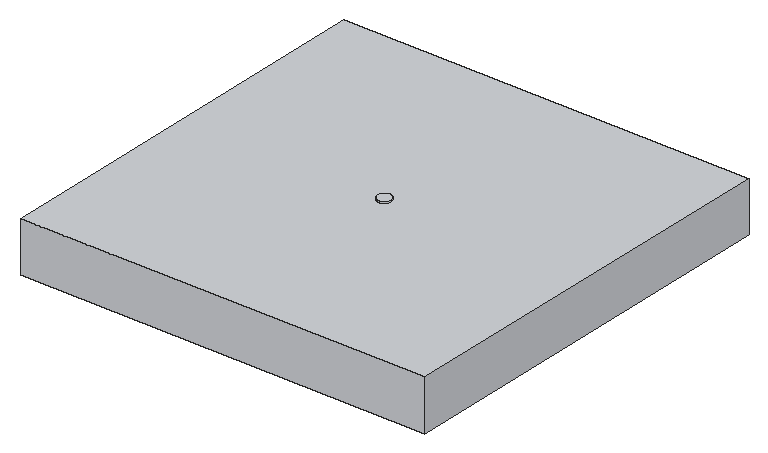
Revit family "M_Sprinkler - Seco - Parede lateral horizontal - Embutido por completo - Hospedado", category Sprinklers, Revit 2019
Family settings
  Hospedeiro = Face
  Manter orientação da anotação = Sim
  Cota do conector redondo = Usar raio
  Tipo de parte = Normal
  Número OmniClass = 23.65.70.17.11.24
  Título OmniClass = Fire Fighting Sprinkler Heads
  ID de item do Seek = Sprinkler - Dry - Horizontal Sidewall - Fully Recessed - Hosted-0000-CAN-ENU
  Corte com vazios quando carregada = Não
  Compartilhado = Não
  Ponto de cálculo do ambiente = Não
Parameters (values of type "Parede lateral seca horizontal de 15 mm")
  Classificação de temperatura = 57 °C
  Resposta = Padrão
  Queda de pressão [instance] = 48300.0 Pa
  Classe de pressão = Padrão
  Tamanho do orifício = 13 mm
  Orifício = Padrão
  Fator-K = 81
  Fluxo [instance] = 2.0 L/s
  Diâmetro do escudete = 84 mm
  Cobertura = Padrão
  Diâmetro nominal = Raio nominal * 2  # 15 mm
  Raio nominal = 7.5 mm
  Raio do escudete = 0.5 * Diâmetro do escudete  # 42 mm
  Protrusão = 0 mm
  Comprimento total = 103 mm
  Espessura do escudete = 5 mm
  Elevação-padrão = 2400 mm
  CEL = 13 mm
Reference planes
  plane 1 "Centro (Frente/Trás)": y = 0
  plane 2: z = 0
  plane 3 "Centro (Esquerda/Direita)": x = 0
  plane 4: z = -103
  plane 5: z = 5
  plane 6: z = 0
  plane 7: z = -90
Forms (mm)
  Extrusion 1, solid
    sketch origin (0, 0, 0) x (1, 0, 0) y (0, 1, 0)
      loop
        line (-1219.2, 1219.2) -> (-1219.2, -1219.2) -> (1219.2, -1219.2) -> (1219.2, 1219.2) -> (-1219.2, 1219.2)
    from 0 to -304.8
  Extrusion 2, solid
    sketch origin (0, 0, 0) x (1, 0, 0) y (0, 1, 0)
      loop
        circle (0, 0) r 7.5
    from -90 to 0
  Extrusion 3, solid
    sketch origin (0, 0, 0) x (1, 0, 0) y (0, 1, 0)
      loop
        circle (0, 0) r 42
    from 0 to 5
Cuts and joins
  joined: Extrusion 2, Extrusion 3
Dimensions and locks
  "Espessura do escudete": plane 5 to level
  "Protrusão": plane 6 to level
  "Comprimento total": plane 6 to plane 4
  "CEL": plane 7 to plane 4
  "Raio nominal": radius of Extrusion 2 sketch curve
  "Raio do escudete": radius of Extrusion 3 sketch curve
  aligned and locked: plane 2 to Extrusion 1
  aligned and locked: level to Extrusion 1
  aligned and locked: Extrusion 3 to level
  aligned and locked: plane 5 to Extrusion 3
  aligned and locked: plane 6 to Extrusion 2
  aligned and locked: Extrusion 2 to plane 7
Automatic sketch dimensions
  Extrusion 2 sketch curve to plane 1 "Centro (Frente/Trás)" = 0 mm
  Extrusion 2 sketch curve to plane 3 "Centro (Esquerda/Direita)" = 0 mm
  Extrusion 3 sketch curve to plane 1 "Centro (Frente/Trás)" = 0 mm
  Extrusion 3 sketch curve to plane 3 "Centro (Esquerda/Direita)" = 0 mm
  Extrusion 1 sketch curve to Extrusion 1 sketch curve = 2438.4 mm  (x2)
Nested families
  nested 1: "M_Sprinkler - Símbolo - Parede lateral horizontal" at (0, 0, 0), type "Sprinkler - Símbolo - Parede lateral horizontal"
Connectors
  piping at (0, 0, -90), diameter 15, driven by "Raio nominal", driven by "Fluxo", driven by "Queda de pressão"
    settings: on cut or joined group of Extrusion 2, Extrusion 3, index 1, connector inside diameter 15 mm, connector length 0 mm, flow factor 0, pipe flow 2.0 L/s, pressure drop 48300.0 Pa, fitting loss kfactor 0, connector angle 0.00°, fixture units 0, engagement length 0 mm, angle of deflection 0.00°, flow configuration 1, flow direction 1, fitting loss method 4, system type 24, joint type 0, gender type 0, connector reference index -1, connector utility 0, adjustable connector no, is connector primary yes, connector description "In"
Definition of nested family "M_Sprinkler - Símbolo - Parede lateral horizontal"
  Parameters
    Largura do símbolo = Profundidade do símbolo  # 2 mm
    Meia largura do símbolo = 0.5 * Largura do símbolo  # 1 mm
    Profundidade do símbolo = 2 mm
  Reference planes
    plane 1: y = 0
    plane 2: x = 0
  Lines and regions (mm)
    reference lines
      curve 1: line (-1, 0, 0) -> (-1, 2, 0)
      curve 2: line (-1, 2, 0) -> (1, 2, 0)
      curve 3: line (1, 2, 0) -> (1, 0, 0)
      curve 4: line (-1, 2, 0) -> (0, 0, 0)
      curve 5: line (0, 0, 0) -> (1, 2, 0)
    detail lines
      curve 6: line (-1, 2, 0) -> (1, 2, 0)
      curve 7: line (1, 2, 0) -> (0, 0, 0)
      curve 8: line (-1, 2, 0) -> (0, 0, 0)
  Dimensions and locks
    equal spacing: curve 1, plane 2, curve 3
    "Profundidade do símbolo": plane 1 to curve 2
    "Meia largura do símbolo": curve 1 to plane 2
    aligned and locked: plane 1 to curve 1
    aligned and locked: curve 6 to curve 2
    aligned and locked: curve 1 to curve 6
    aligned and locked: curve 6 to curve 3
    aligned and locked: curve 7 to curve 5
    aligned and locked: curve 2 to curve 7
    aligned and locked: plane 1 to curve 7
  Automatic sketch dimensions
    curve 5 to plane 1 = 0 mm
    curve 4 to plane 2 = 0 mm
    curve 3 to plane 1 = 0 mm
